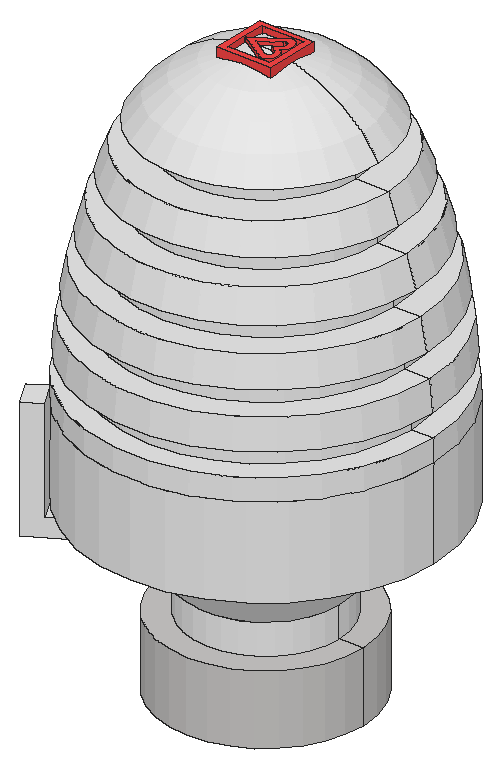
Revit family "Термостатическая головка HERZ-Design, с присоединительной резьбой М 28х1.5, 9260", category Rohrzubehör, Revit 2018
Family settings
  Bemaßung runder Anschluss = Durchmesser verwenden
  Teiletyp = Normal
  OmniClass-Nummer = 23.65.55.14
  OmniClass-Titel = Valves for Liquid Services
  Arbeitsebenenbasiert = Nein
  Immer vertikal = Nein
  Beim Laden mit Abzugskörper schneiden = Nein
  Gemeinsam genutzt = Nein
Parameters
  Принцип действия = "HERZ-термостатическая головка является датчиком прямого регулирования.\r\nИзменение объема жидкости в HERZ-гидросенсоре приводит в движение шток клапана."
  Область применения = "Для монтажа на всех HERZ-клапанах, предназначенных для термостатической работы."
  Номер заказа = 1926006  # constant formula
  Морозозащита = 6 °C  # constant formula
  Маховик = "Пластик, белый"  # constant formula
  Исполнение = "Термостатическая головка с жидкостным датчиком (гидросенсором) с позициями теплового запираниия \"0\" и морозозащиты, с ограничением и блокировкой диапазона регулирования. Цвет маховика - белый."
  Диапазон регулирования = "6-28°C"  # constant formula
  URL = "www.herz-armaturen.ru"
  S02 = 60.000 mm  # constant formula
  S01 = 90.000 mm  # constant formula
  Hersteller = "HERZ Armaturen Ges.m.b.H."  # constant formula
Reference planes
  plane 1 "Mitte (Vorne/hinten)": y = 0
  plane 2: z = 0
  plane 3 "Mitte (Links/rechts)": x = 0
Forms (mm)
  Revolve 1, solid, material "Kunststoff weiß", detail levels fine
    sketch origin (0, 0, 0) x (1, 0, 0) y (0, 0, 1)
      loop
        line (0, 0) -> (0, 90)
        arc (0, 90) -> (-10.767, 87.197) -> (-18.8, 79.5) r 22.08
        arc (-18.8, 79.5) -> (-25.672, 59.356) -> (-28, 38.2) r 97.301
        line (-28, 38.2) -> (-28, 23.2) -> (-23.25, 23.2) -> (-23.25, 20.5) -> (-20.4, 20.5) -> (-20.4, 19.7) -> (-12.2, 11.5) -> (-12.2, 4.8) -> (-13.2, 4.8) -> (-13.2, 0) -> (0, 0)
      axis (0, 90) -> (0, 0)
    angle from 0 to 360
  Extrusion 2, solid, material "Kunststoff weiß", detail levels fine
    sketch origin (0, 0, 0) x (0.866025, 0.5, 0) y (0, 0, 1)
      loop
        line (-28.5, 36.04) -> (-31.75, 36.04) -> (-31.75, 16.2) -> (-20.85, 16.2) -> (-20.85, 20.5) -> (-23.25, 20.5) -> (-23.25, 21.5) -> (-24.578, 19.2) -> (-28.5, 19.2) -> (-28.5, 36.04)
    from 2.5 to -2.5
  Extrusion 3, solid, material "Kunststoff weiß", detail levels fine
    sketch origin (0, 0, 0) x (0, 1, 0) y (0, 0, 1)
      loop
        arc (0.75, 19.2) -> (1.987, 19.713) -> (2.5, 20.95) r 1.75
        line (2.5, 20.95) -> (2.5, 32.2) -> (-2.5, 32.2) -> (-2.5, 20.95)
        arc (-2.5, 20.95) -> (-1.987, 19.713) -> (-0.75, 19.2) r 1.75
        line (-0.75, 19.2) -> (0.75, 19.2)
    from 0 to -31.5
  Revolve 4, solid, material "Messing verzinkt", detail levels fine
    sketch origin (0, 0, 0) x (1, 0, 0) y (0, 0, 1)
      loop
        line (0, 0) -> (0, 6.5) -> (-16.25, 6.5) -> (-16.25, -5) -> (-14, -5) -> (-14, 0) -> (0, 0)
      axis (0, 6.5) -> (0, -5)
    angle from 0 to 360
  Revolve 5, void
    sketch origin (0, 0, 0) x (1, 0, 0) y (0, 0, 1)
      loop
        arc (-18.8, 79.5) -> (-19.64, 77.659) -> (-20.442, 75.8) r 97.301
        line (-20.442, 75.8) -> (-14.951, 75.8) -> (-14.951, 79.5) -> (-18.8, 79.5)
      loop
        line (-27.933, 41.8) -> (-24.226, 41.8) -> (-24.226, 45.5) -> (-27.726, 45.5)
        arc (-27.726, 45.5) -> (-27.847, 43.651) -> (-27.933, 41.8) r 97.301
      loop
        arc (-22.197, 71.3) -> (-22.843, 69.456) -> (-23.452, 67.6) r 97.301
        line (-23.452, 67.6) -> (-18.697, 67.6) -> (-18.697, 71.3) -> (-22.197, 71.3)
      loop
        arc (-24.865, 62.7) -> (-25.326, 60.854) -> (-25.751, 59) r 97.301
        line (-25.751, 59) -> (-21.365, 59) -> (-21.365, 62.7) -> (-24.865, 62.7)
      loop
        arc (-26.692, 54.1) -> (-26.98, 52.253) -> (-27.232, 50.4) r 97.301
        line (-27.232, 50.4) -> (-23.192, 50.4) -> (-23.192, 54.1) -> (-26.692, 54.1)
      axis (0, 79.5) -> (0, 41.8)
    angle from 0 to 360
Cuts and joins
  Revolve 5 cuts Revolve 1
Lines and regions (mm)
  model lines, detail levels coarse+medium
    curve 1: line (0, 0, 0) -> (0, 0, 30)
    curve 2: line (0, 0.018, 0) -> (30, 0.018, 0)
    curve 3: circle (0, 0, 60) r 30 normal (0, -1, 0)
    curve 4: circle (0, 0, 60) r 30 normal (1, 0, 0)
    curve 5: line (0, 0, 40) -> (0, 0, 80)
    curve 6: line (0, 17.5, 80) -> (0, -17.5, 80)
    curve 7: line (0, 0, 40) -> (0, 0, 80)
    curve 8: line (-17.5, 0, 80) -> (17.5, 0, 80)
    curve 9: circle (60, 0.018, 0) r 30 normal (0, 0, 1)
    curve 10: line (40, 0.018, 0) -> (80, 0.018, 0)
    curve 11: line (80, -17.482, 0) -> (80, 17.518, 0)
Dimensions and locks
  nested 1 to plane 2 = 89.000 mm
  "S01": curve 4 to plane 2
  "S01": curve 3 to plane 2
  "S01": plane 3 "Mitte (Links/rechts)" to curve 9
  "S02": diameter of curve 3
  "S02": diameter of curve 4
  "S02": diameter of curve 9
  aligned and locked: level to plane 2
Automatic sketch dimensions
  Revolve 1 sketch curve to level = 0.000 mm
  Revolve 1 sketch curve to plane 3 "Mitte (Links/rechts)" = 0.000 mm  (x2)
  Revolve 1 sketch curve to plane 3 "Mitte (Links/rechts)" = 12.200 mm
  Revolve 1 sketch curve to Revolve 1 sketch curve = 1.000 mm
  Revolve 1 sketch curve to Revolve 1 sketch curve = 8.200 mm  (x2)
  Revolve 1 sketch curve to Revolve 1 sketch curve = 2.850 mm
  Revolve 1 sketch curve to Revolve 1 sketch curve = 4.750 mm
  plane 3 "Mitte (Links/rechts)" to Revolve 1 sketch curve = 69.301 mm
  level to Revolve 1 sketch curve = 4.800 mm
  Revolve 1 sketch curve to Revolve 1 sketch curve = 6.700 mm
  Revolve 1 sketch curve to Revolve 1 sketch curve = 0.800 mm
  Revolve 1 sketch curve to Revolve 1 sketch curve = 2.700 mm
  Revolve 1 sketch curve to Revolve 1 sketch curve = 15.000 mm
  Revolve 1 sketch curve to Revolve 1 sketch curve = 29.720 mm
  Revolve 1 sketch curve to Revolve 1 sketch curve = 22.080 mm
  Revolve 1 sketch curve to level = 366.045 mm
  Revolve 1 sketch curve to Revolve 1 sketch curve = 0.000 mm
  level to Extrusion 2 sketch curve = 36.040 mm
  Extrusion 2 sketch curve to Extrusion 2 sketch curve = 3.250 mm
  Extrusion 2 sketch curve to Extrusion 2 sketch curve = 3.922 mm
  level to Extrusion 2 sketch curve = 21.500 mm
  Extrusion 2 sketch curve to Extrusion 2 sketch curve = 1.328 mm
  Extrusion 2 sketch curve to Extrusion 2 sketch curve = 3.728 mm
  Extrusion 2 sketch curve to Extrusion 2 sketch curve = 1.000 mm
  Extrusion 2 sketch curve to Extrusion 2 sketch curve = 1.300 mm
  Extrusion 2 sketch curve to Extrusion 2 sketch curve = 3.000 mm
  plane 1 "Mitte (Vorne/hinten)" to Extrusion 3 sketch curve = 2.500 mm
  plane 1 "Mitte (Vorne/hinten)" to Extrusion 3 sketch curve = 0.750 mm
  Extrusion 3 sketch curve to plane 1 "Mitte (Vorne/hinten)" = 0.750 mm
  Extrusion 3 sketch curve to plane 1 "Mitte (Vorne/hinten)" = 2.500 mm
  level to Extrusion 3 sketch curve = 19.200 mm
  Extrusion 3 sketch curve to Extrusion 3 sketch curve = 11.250 mm
  Revolve 4 sketch curve to level = 0.000 mm
  Revolve 4 sketch curve to plane 3 "Mitte (Links/rechts)" = 0.000 mm  (x2)
  Revolve 4 sketch curve to level = 5.000 mm
  Revolve 4 sketch curve to plane 3 "Mitte (Links/rechts)" = 14.000 mm
  Revolve 4 sketch curve to Revolve 4 sketch curve = 2.250 mm
  level to Revolve 4 sketch curve = 6.500 mm
  Revolve 4 sketch curve to Revolve 4 sketch curve = 361.045 mm
  Revolve 4 sketch curve to Revolve 4 sketch curve = 2207.815 mm
  Revolve 5 sketch curve to Revolve 5 sketch curve = 0.000 mm  (x20)
  Revolve 5 sketch curve to plane 3 "Mitte (Links/rechts)" = 0.000 mm
  Revolve 5 sketch curve to plane 3 "Mitte (Links/rechts)" = 14.951 mm
  Revolve 5 sketch curve to Revolve 5 sketch curve = 3.746 mm
  Revolve 5 sketch curve to Revolve 5 sketch curve = 3.849 mm
  Revolve 5 sketch curve to Revolve 5 sketch curve = 1.642 mm
  Revolve 5 sketch curve to Revolve 5 sketch curve = 2.668 mm
  Revolve 5 sketch curve to Revolve 5 sketch curve = 3.500 mm  (x4)
  Revolve 5 sketch curve to Revolve 5 sketch curve = 1.827 mm
  Revolve 5 sketch curve to Revolve 5 sketch curve = 1.255 mm
  Revolve 5 sketch curve to Revolve 5 sketch curve = 1.034 mm
  Revolve 5 sketch curve to Revolve 5 sketch curve = 0.886 mm
  Revolve 5 sketch curve to Revolve 5 sketch curve = 0.540 mm
  Revolve 5 sketch curve to Revolve 5 sketch curve = 0.208 mm
  level to Revolve 5 sketch curve = 38.200 mm
  plane 3 "Mitte (Links/rechts)" to Revolve 5 sketch curve = 69.301 mm
  level to Revolve 5 sketch curve = 41.800 mm
  Revolve 5 sketch curve to Revolve 5 sketch curve = 4.900 mm  (x3)
  Revolve 5 sketch curve to Revolve 5 sketch curve = 4.500 mm
  Revolve 5 sketch curve to level = 366.045 mm
  Revolve 5 sketch curve to Revolve 5 sketch curve = 2134.815 mm
  curve 5 to plane 1 "Mitte (Vorne/hinten)" = 0.000 mm
  curve 4 to plane 1 "Mitte (Vorne/hinten)" = 0.000 mm
  plane 1 "Mitte (Vorne/hinten)" to curve 6 = 17.500 mm
  curve 5 to curve 6 = 17.500 mm
  curve 5 to curve 4 = 20.000 mm
  curve 4 to curve 6 = 20.000 mm
  curve 3 to plane 3 "Mitte (Links/rechts)" = 0.000 mm
  curve 7 to plane 3 "Mitte (Links/rechts)" = 0.000 mm
  curve 1 to plane 3 "Mitte (Links/rechts)" = 0.000 mm
  curve 1 to level = 0.000 mm
  curve 8 to curve 7 = 17.500 mm
  plane 3 "Mitte (Links/rechts)" to curve 8 = 17.500 mm
  curve 1 to curve 7 = 10.000 mm
  curve 3 to curve 8 = 20.000 mm
  curve 2 to plane 3 "Mitte (Links/rechts)" = 0.000 mm
  curve 9 to plane 1 "Mitte (Vorne/hinten)" = 0.018 mm
  curve 10 to plane 1 "Mitte (Vorne/hinten)" = 0.018 mm
  curve 2 to curve 10 = 10.000 mm
  curve 9 to curve 11 = 20.000 mm
  plane 1 "Mitte (Vorne/hinten)" to curve 11 = 17.482 mm
  curve 2 to plane 1 "Mitte (Vorne/hinten)" = 0.018 mm
  curve 10 to curve 11 = 17.500 mm
Nested families
  nested 1: "Herz-Logo" at (0, 0, 89) x (0, -1, 0) z (0, 0, 1), type "Herz-Logo"
Definition of nested family "Herz-Logo"
  Reference planes
    plane 1 "Mitte (Vorne/hinten)": y = 0
    plane 2: z = 0
    plane 3 "Mitte (Links/rechts)": x = 0
  Forms (mm)
    Extrusion 1, solid
      sketch origin (0, 0, 0) x (1, 0, 0) y (0, 1, 0)
        loop
          line (-0.018, -4.517) -> (4.482, -4.517) -> (4.482, 4.483) -> (-4.518, 4.483) -> (-4.518, -4.517) -> (-0.018, -4.517)
        loop
          line (-0.05, -3.48) -> (3.482, -3.48) -> (3.482, 3.483) -> (-3.518, 3.483) -> (-3.518, -3.48) -> (-0.05, -3.48)
        loop
          arc (-0.018, 2.383) -> (-1.543, 3.287) -> (-3.067, 2.383) r 1.738
          arc (-3.067, 2.383) -> (-3.191, 1.899) -> (-3.067, 1.415) r 1.009
          line (-3.067, 1.415) -> (-0.018, -3.281) -> (3.032, 1.415)
          arc (3.032, 1.415) -> (3.156, 1.899) -> (3.032, 2.383) r 1.009
          arc (3.032, 2.383) -> (1.507, 3.287) -> (-0.018, 2.383) r 1.738
        loop
          arc (1.885, 1.272) -> (2.005, 1.675) -> (1.885, 2.079) r 0.74
          arc (1.885, 2.079) -> (1.265, 2.416) -> (0.644, 2.079) r 0.74
          line (0.644, 2.079) -> (-0.018, 0.97) -> (-0.679, 2.079)
          arc (-0.679, 2.079) -> (-1.3, 2.416) -> (-1.921, 2.079) r 0.74
          arc (-1.921, 2.079) -> (-2.04, 1.675) -> (-1.921, 1.272) r 0.74
          line (-1.921, 1.272) -> (-0.018, -1.658) -> (1.885, 1.272)
      from 0 to 1.5
  Dimensions and locks
    aligned and locked: level to plane 2
